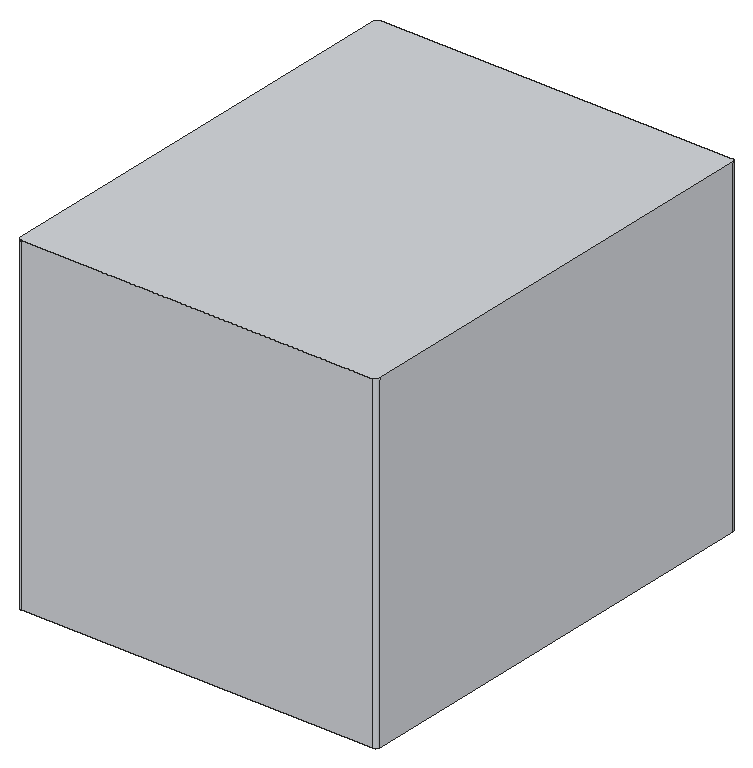
Revit family "Domotics-DomesticRanges-GEWISS-27COMBI_SYSTEM-IP40_BUZZER", category Modelli generici, host Superficie, Revit 2016
Family settings
  Host = Superficie
  Tipo di parte = Normale
  Può ospitare armatura = No
  Quota connettore circolare = Usa diametro
  Taglio con vuoti quando caricato = No
  Condiviso = No
  Punto di calcolo locali = No
Parameters (values of type "GW26427 - 230V acoustic alarm")
  Version file RFA = "18.0"
  URL = "https://www.gewiss.com/ww/en"
  Thermo-pressure with ball = "70 °C"
  Technical sheet = "https://www.gewiss.com/ww/en/search?q=GW26427"
  Standard = "EN 62080"
  Sound intensity = "70 dB (at 1 m)"
  Realized by GEWISS S.p.A. = ""
  Rated voltage = "230V ac"
  Produttore = "GEWISS S.p.A."
  Outer dim. LxHxD (mm) = "64x80x59"
  Modello = "GW26427"
  Insulation class = "II"
  Installation temperature = "-25 +60 °C"
  Immagine tipo = GW26427.jpg
  Default Elevation = 1219.2 mm
  Profonfità = 590 mm
  Larghezza = 640 mm
  IP degree = "IP40"
  IDT = "42373ce3-cb7a-4058-9c9c-5d702b03e44c"
  IDF = "f5ea6f11-fb25-4f0e-85b2-17e66f9e58b0"
  Glow Wire Test = "650°C"
  Frequency impulses of sound = "1HZ"
  Electrocod = "0132                "
  EAN code = "8011564033238"
  Descrizione = "230V ACOUSTIC ALARM"
  Colour = "Grey RAL 7035"
  Catalogue Range = "27COMBI"
  Catalogue = "DOMOTICS"
  COBie.Tagnumber = ""
  COBie.CreatedOn = ""
  COBie.CreatebBy = ""
  COBie.ComponentRegisterItemID = ""
  COBie.Component.TagNumber = ""
  COBie.Component.Space = ""
  COBie.Component.SerialNumber = ""
  COBie.Component.InstallationDate = ""
  COBie.Component.Description = ""
  COBie.Component.BarCode = ""
  Altezza = 800 mm
Types (3, lengths in mm): name | URL | Thermo-pressure with ball | Technical sheet | Rated voltage | Produttore | Modello | Immagine tipo | Profonfità | Larghezza | IDT | EAN code | Descrizione | Altezza
  (no name) | 0 | "" | "" | "" | 0 | 0 | GW26417.jpg | 59 | 95 | "" | "" | 0 | 80
  GW26417 - 24V acoustic alarm | "https://www.gewiss.com/ww/en" | "24 V ac" | "https://www.gewiss.com/ww/en/search?q=GW26417" | "24 V ac" | "GEWISS S.p.A." | "GW26417" | GW26417.jpg | 59 | 95 | "39784a8e-1408-4946-9d09-dce07dbb2a35" | "8011564033207" | "24V ACOUSTIC ALARM" | 80
  GW26427 - 230V acoustic alarm | "https://www.gewiss.com/ww/en" | "70 °C" | "https://www.gewiss.com/ww/en/search?q=GW26427" | "230V ac" | "GEWISS S.p.A." | "GW26427" | GW26427.jpg | 590 | 640 | "42373ce3-cb7a-4058-9c9c-5d702b03e44c" | "8011564033238" | "230V ACOUSTIC ALARM" | 800
Values of the unnamed type that differ from the named types
  Version file RFA = ""
  Standard = ""
  Sound intensity = ""
  Outer dim. LxHxD (mm) = ""
  Insulation class = ""
  Installation temperature = ""
  IP degree = ""
  IDF = ""
  Glow Wire Test = ""
  Frequency impulses of sound = ""
  Electrocod = ""
  Colour = ""
  Catalogue Range = ""
  Catalogue = ""
Reference planes
  plane 1 "Centro (Fronte/Retro)": y = 0
  plane 2: z = 0
  plane 3 "Centro (Sinistra/Destra)": x = 0
  plane 4: z = 590
  plane 5: y = 400
  plane 6: y = -400
  plane 7: x = -320
  plane 8: x = 320
Forms (mm)
  Extrusion 1, solid, not visible
    sketch origin (0, 0, 0) x (1, 0, 0) y (0, 0, 1)
      loop
        circle (0, 189.613) r 120
    from -520 to -400
  Extrusion 2, solid, not visible
    sketch origin (0, 27.076, 0) x (1, 0, 0) y (0, 0, 1)
      loop
        circle (0, 189.613) r 90
    from -532.076 to -492.924
  Extrusion 3, solid, not visible
    sketch origin (0, 67.076, 0) x (1, 0, 0) y (0, 0, 1)
      loop
        circle (0, 189.613) r 60
    from -532.076 to -492.076
  Extrusion 4, solid, not visible
    sketch origin (0, 107.076, 0) x (1, 0, 0) y (0, 0, 1)
      loop
        circle (0, 189.613) r 30
    from -532.076 to -492.076
  Extrusion 5, solid
    sketch origin (0, 0, 0) x (1, 0, 0) y (0, 1, 0)
      loop
        arc (-313, 400) -> (-317.95, 397.95) -> (-320, 393) r 7
        line (-320, 393) -> (-320, -393)
        arc (-320, -393) -> (-317.95, -397.95) -> (-313, -400) r 7
        line (-313, -400) -> (313, -400)
        arc (313, -400) -> (317.95, -397.95) -> (320, -393) r 7
        line (320, -393) -> (320, 393)
        arc (320, 393) -> (317.95, 397.95) -> (313, 400) r 7
        line (313, 400) -> (-313, 400)
    from 0 to 590
Lines and regions (mm)
  model lines, detail levels fine
    curve 1: circle (-313.849, -394.857, 590) r 2 normal (0, 0, 1)
    curve 2: circle (-313.849, 394.857, 590) r 2 normal (0, 0, -1)
    curve 3: circle (313.849, -394.857, 590) r 2 normal (0, 0, -1)
    curve 4: circle (313.849, 394.857, 590) r 2 normal (0, 0, 1)
    curve 5: line (-320, 1.5, 590) -> (320, 1.5, 590)
    curve 6: line (-320, -1.5, 590) -> (320, -1.5, 590)
    curve 7: line (-320, 4.5, 590) -> (320, 4.5, 590)
    curve 8: line (-320, 7.5, 590) -> (320, 7.5, 590)
    curve 9: line (-320, 10.5, 590) -> (320, 10.5, 590)
    curve 10: line (-320, 13.5, 590) -> (320, 13.5, 590)
    curve 11: line (-320, 16.5, 590) -> (320, 16.5, 590)
    curve 12: line (-320, 19.5, 590) -> (320, 19.5, 590)
    curve 13: line (-320, -4.5, 590) -> (320, -4.5, 590)
    curve 14: line (-320, -7.5, 590) -> (320, -7.5, 590)
    curve 15: line (-320, -10.5, 590) -> (320, -10.5, 590)
    curve 16: line (-320, -13.5, 590) -> (320, -13.5, 590)
    curve 17: line (-320, -16.5, 590) -> (320, -16.5, 590)
    curve 18: line (-320, -19.5, 590) -> (320, -19.5, 590)
  model lines, not visible, detail levels fine
    curve 19: line (-32, 1.5, 59) -> (32, 1.5, 59)
    curve 20: line (-32, -1.5, 59) -> (32, -1.5, 59)
    curve 21: line (-32, 4.5, 59) -> (32, 4.5, 59)
    curve 22: line (-32, 7.5, 59) -> (32, 7.5, 59)
    curve 23: line (-32, 10.5, 59) -> (32, 10.5, 59)
    curve 24: line (-32, 13.5, 59) -> (32, 13.5, 59)
    curve 25: line (-32, 16.5, 59) -> (32, 16.5, 59)
    curve 26: line (-32, 19.5, 59) -> (32, 19.5, 59)
    curve 27: line (-32, -4.5, 59) -> (32, -4.5, 59)
    curve 28: line (-32, -7.5, 59) -> (32, -7.5, 59)
    curve 29: line (-32, -10.5, 59) -> (32, -10.5, 59)
    curve 30: line (-32, -13.5, 59) -> (32, -13.5, 59)
    curve 31: line (-32, -16.5, 59) -> (32, -16.5, 59)
    curve 32: line (-32, -19.5, 59) -> (32, -19.5, 59)
Dimensions and locks
  "Profonfità": plane 4 to host face
  "Larghezza": plane 7 to plane 8
  equal spacing: plane 5, plane 1 "Centro (Fronte/Retro)", plane 6
  "Altezza": plane 5 to plane 6
  equal spacing: plane 7, plane 3 "Centro (Sinistra/Destra)", plane 8
  equal spacing: curve 18, plane 1 "Centro (Fronte/Retro)", curve 12
  aligned and locked: plane 2 to host face
  aligned and locked: level to host face
  aligned and locked: Extrusion 5 sketch curve to plane 5
  aligned and locked: Extrusion 5 sketch curve to plane 7
  aligned and locked: plane 6 to Extrusion 5 sketch curve
  aligned and locked: plane 8 to Extrusion 5 sketch curve
  aligned and locked: plane 8 to curve 5
  aligned and locked: plane 4 to Extrusion 5
  aligned and locked: nested 1 to plane 3 "Centro (Sinistra/Destra)"
  aligned and locked: plane 7 to curve 12
  aligned and locked: plane 7 to curve 11
  aligned and locked: plane 7 to curve 10
  aligned and locked: plane 7 to curve 9
  aligned and locked: plane 7 to curve 8
  aligned and locked: plane 7 to curve 7
  aligned and locked: plane 7 to curve 5
  aligned and locked: plane 7 to curve 13
  aligned and locked: plane 7 to curve 6
  aligned and locked: plane 7 to curve 14
  aligned and locked: plane 7 to curve 15
  aligned and locked: plane 7 to curve 16
  aligned and locked: plane 7 to curve 18
  aligned and locked: plane 7 to curve 17
Automatic sketch dimensions
  host sketch curve to host sketch curve = 2438.4 mm  (x2)
  Extrusion 5 sketch curve to plane 7 = 7 mm
  Extrusion 5 sketch curve to Extrusion 5 sketch curve = 7 mm
  plane 8 to Extrusion 5 sketch curve = 7 mm  (x2)
  curve 2 to Extrusion 5 = 6.151 mm
  curve 1 to Extrusion 5 = 6.151 mm
  curve 3 to Extrusion 5 = 6.151 mm
  curve 4 to Extrusion 5 = 6.151 mm
  curve 3 to Extrusion 5 = 5.143 mm
  curve 1 to Extrusion 5 = 5.143 mm
  curve 2 to Extrusion 5 = 5.143 mm
  curve 4 to Extrusion 5 = 5.143 mm
  curve 9 to Extrusion 5 = 0 mm
  curve 12 to Extrusion 5 = 0 mm
  curve 8 to Extrusion 5 = 0 mm
  curve 13 to Extrusion 5 = 0 mm
  curve 11 to Extrusion 5 = 0 mm
  curve 14 to Extrusion 5 = 0 mm
  curve 6 to Extrusion 5 = 0 mm
  curve 15 to Extrusion 5 = 0 mm
  curve 5 to Extrusion 5 = 0 mm
  curve 16 to Extrusion 5 = 0 mm
  curve 7 to Extrusion 5 = 0 mm
  curve 17 to Extrusion 5 = 0 mm
  curve 10 to Extrusion 5 = 0 mm
  curve 18 to Extrusion 5 = 0 mm
  curve 18 to Extrusion 5 = 380.5 mm
  curve 18 to curve 17 = 3 mm
  curve 17 to curve 16 = 3 mm
  curve 16 to curve 15 = 3 mm
  curve 15 to curve 14 = 3 mm
  curve 14 to curve 13 = 3 mm
  curve 13 to curve 6 = 3 mm
  curve 6 to curve 5 = 3 mm
  curve 5 to curve 7 = 3 mm
  curve 7 to curve 8 = 3 mm
  curve 8 to curve 9 = 3 mm
  curve 9 to curve 10 = 3 mm
  curve 10 to curve 11 = 3 mm
  curve 11 to curve 12 = 3 mm
  radius of Extrusion 1 sketch curve = 120 mm
  radius of Extrusion 2 sketch curve = 90 mm
  radius of Extrusion 3 sketch curve = 60 mm
  radius of Extrusion 4 sketch curve = 30 mm
  radius of curve 1 = 2 mm
  radius of curve 2 = 2 mm
  radius of curve 3 = 2 mm
  radius of curve 4 = 2 mm
Nested families
  nested 1: "Famiglia2" at (0, 400, 27.634) x (-1, 0, 0) z (0, 1, 0), type "Famiglia2", detail levels medium+fine
Definition of nested family "Famiglia2"
  Parameters (values of type "Famiglia2")
    Default Elevation = 1219.2 mm
  Reference planes
    plane 1 "Centro (Fronte/Retro)": y = 0
    plane 2: z = 0
    plane 3 "Centro (Sinistra/Destra)": x = 0
  Forms (mm)
    Extrusion 1, solid
      sketch origin (0, 0, 0) x (1, 0, 0) y (0, 1, 0)
        loop
          line (-1219.2, 1219.2) -> (-1219.2, -1219.2) -> (1219.2, -1219.2) -> (1219.2, 1219.2) -> (-1219.2, 1219.2)
      from 0 to -304.8
    Extrusion 2, solid
      sketch origin (0, 0, 0) x (1, 0, 0) y (0, 1, 0)
        loop
          circle (0, 0) r 12
      from 0 to 3
    Extrusion 3, solid
      sketch origin (0, 0, 30) x (1, 0, 0) y (0, 1, 0)
        loop
          circle (0, 0) r 9
      from -27 to -24
    Extrusion 4, solid
      sketch origin (0, 0, 60) x (1, 0, 0) y (0, 1, 0)
        loop
          circle (0, 0) r 6
      from -54 to -51
    Extrusion 5, solid
      sketch origin (0, 0, 90) x (1, 0, 0) y (0, 1, 0)
        loop
          circle (0, 0) r 3
      from -81 to -78
  Dimensions and locks
    aligned and locked: plane 2 to Extrusion 1
    aligned and locked: level to Extrusion 1
